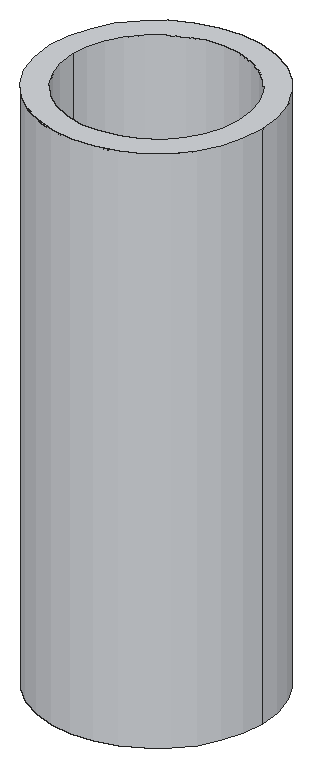
Revit family "Reduziermuffe", category HLS-Bauteile, Revit 2017
Family settings
  Bemaßung runder Anschluss = Durchmesser verwenden
  Teiletyp = Normal
  Arbeitsebenenbasiert = Nein
  Immer vertikal = Nein
  Beim Laden mit Abzugskörper schneiden = Nein
  Gemeinsam genutzt = Ja
  Raumberechnungspunkt = Nein
Parameters (values of type "Reduziermuffe M10-M12")
  vpe = "100 St"
  passend für = ""
  für Stufenmutter = ""
  d1 = 10.5 mm
  Schlüsselweite = ""
  Regelhalter [instance] = ""
  Oberflaeche = "galvanisch verzinkt"
  Mengeneinheit = "St"
  Material = "Stahl"
  Länge Innengewinde 2 = "20 mm"
  Länge Innengewinde 1 = "16 mm"
  Länge Außengewinde = " mm"
  Länge = 40 mm
  L2 = 17 mm
  L1 = 23 mm
  Kurztext2 = "Innengew. M10 auf Innengew. M12 L= 40 mm"
  Kurztext1 = "Reduziermuffe rund"
  Innengewinde 2 = "M12"
  Innengewinde 1 = "M10"
  Gewicht pro Bauteil = Gewicht  # 0.0408 kg
  Gewicht = 0.0408 kg
  Firma = "MEFA Befestigungs- und Montagesysteme GmbH"
  Fabrikat = "MEFA"
  EAN = "4250928416339"
  D0 = 12.6 mm
  D = 16 mm
  Außengewinde = ""
  Artikelnummer = "0710032"
Types (6, lengths in mm): name | vpe | d1 | Oberflaeche | Mengeneinheit | Material | Länge Innengewinde 2 | Länge Innengewinde 1 | Länge Außengewinde | Kurztext2 | Kurztext1 | Innengewinde 2 | Innengewinde 1 | Gewicht pro Bauteil | Gewicht | Fabrikat | EAN | D0 | D | Artikelnummer
  (no name) | "100 St" | 10.5 | "galvanisch verzinkt" | "St" | "Stahl" | "20 mm" | "16 mm" | " mm" | "Innengew. M10 auf Innengew. M12 L= 40 mm" | "Reduziermuffe rund" | "M12" | "M10" | 0.0408 kg | 0.0408 kg | "MEFA" | "4250928416339" | 12.6 | 16 | "0710032"
  Reduziermuffe M 8-M10 | "100 St" | 6.5 | "galvanisch verzinkt" | "St" | "Stahl" | "20 mm" | "16 mm" | " mm" | "Innengew. M8 auf Innengew. M10 L= 40 mm" | "Reduziermuffe rund" | "M10" | "M8" | 0.0482 kg | 0.0482 kg | "MEFA" | "4250928416315" | 10.5 | 16 | "0710016"
  Reduziermuffe M 8-M12 | "100 St" | 6.5 | "galvanisch verzinkt" | "St" | "Stahl" | "20 mm" | "16 mm" | " mm" | "Innengew. M8 auf Innengew. M12 L= 40 mm" | "Reduziermuffe rund" | "M12" | "M8" | 0.0432 kg | 0.0432 kg | "MEFA" | "4250928416322" | 12.6 | 16 | "0710024"
  Reduziermuffe M10-M12 | "100 St" | 10.5 | "galvanisch verzinkt" | "St" | "Stahl" | "20 mm" | "16 mm" | " mm" | "Innengew. M10 auf Innengew. M12 L= 40 mm" | "Reduziermuffe rund" | "M12" | "M10" | 0.0408 kg | 0.0408 kg | "MEFA" | "4250928416339" | 12.6 | 16 | "0710032"
  Reduziermuffe M10-M14 | "" | 10.5 | "" | "" | "" | "" | "" | "" | "" | "" | "" | "" | 0.00 kg | 0.00 kg | "" | "" | 14.7 | 22 | ""
  Reduziermuffe M12-M16 | "25 St" | 12.6 | "galvanisch verzinkt" | "St" | "Stahl" | "20 mm" | "16 mm" | " mm" | "Innengew. M12 auf Innengew. M16 L= 40 mm" | "Reduziermuffe rund" | "M16" | "M12" | 0.0807 kg | 0.0807 kg | "MEFA" | "4250928416346" | 16.8 | 22 | "0710105"
Reference planes
  plane 1 "Mitte (Vorne/hinten)": y = 0
  plane 2: z = 0
  plane 3 "Mitte (Links/rechts)": x = 0
  plane 4: z = 40
  plane 5: z = 17
Forms (mm)
  Extrusion 1, solid
    sketch origin (0, 0, 0) x (1, 0, 0) y (0, 1, 0)
      loop
        circle (0, 0) r 8
    from 0 to 40
  Extrusion 2, void
    sketch origin (0, 0, 0) x (1, 0, 0) y (0, 1, 0)
      loop
        circle (0, 0) r 6.3
    from 17 to 40
  Extrusion 3, void
    sketch origin (0, 0, 0) x (1, 0, 0) y (0, 1, 0)
      loop
        circle (0, 0) r 5.25
    from 0 to 17
Cuts and joins
  Extrusion 2, Extrusion 3 cuts Extrusion 1
Lines and regions (mm)
  model lines, not visible
    curve 1: line (12.5, 0, 40) -> (-12.5, 0, 40)
    curve 2: line (0, 12.5, 40) -> (0, -12.5, 40)
    curve 3: line (0, 12.5, 0) -> (0, -12.5, 0)
    curve 4: line (12.5, 0, 0) -> (-12.5, 0, 0)
    curve 5: line (0, 0, 55) -> (0, 0, -10)
Dimensions and locks
  "Länge": level to plane 4
  "L1": plane 5 to plane 4
  "D": diameter of Extrusion 1 sketch curve
  "D0": diameter of Extrusion 2 sketch curve
  "d1": diameter of Extrusion 3 sketch curve
  aligned and locked: level to plane 2
  aligned and locked: Extrusion 1 to level
  aligned and locked: plane 4 to Extrusion 1
  aligned and locked: curve 2 to plane 4
  aligned and locked: curve 3 to level
  aligned and locked: Extrusion 1 to Extrusion 2
  aligned and locked: plane 4 to cut or joined group of Extrusion 1, Extrusion 2, Extrusion 3  (x2)
  aligned and locked: Extrusion 2 to plane 5
  aligned and locked: cut or joined group of Extrusion 1, Extrusion 2, Extrusion 3 to level
  aligned and locked: cut or joined group of Extrusion 1, Extrusion 2, Extrusion 3 to plane 5
  aligned and locked: Extrusion 3 to Extrusion 2
Automatic sketch dimensions
  plane 1 "Mitte (Vorne/hinten)" to curve 2 = 12.5 mm
  plane 1 "Mitte (Vorne/hinten)" to curve 3 = 12.5 mm
  curve 3 to plane 1 "Mitte (Vorne/hinten)" = 12.5 mm
  curve 2 to plane 1 "Mitte (Vorne/hinten)" = 12.5 mm
  curve 1 to plane 3 "Mitte (Links/rechts)" = 12.5 mm
  curve 4 to plane 3 "Mitte (Links/rechts)" = 12.5 mm
  plane 3 "Mitte (Links/rechts)" to curve 4 = 12.5 mm
  plane 3 "Mitte (Links/rechts)" to curve 1 = 12.5 mm
  curve 5 to level = 10 mm
  plane 4 to curve 5 = 15 mm
  curve 4 to level = 0 mm
  curve 5 to plane 3 "Mitte (Links/rechts)" = 0 mm
  curve 1 to plane 4 = 0 mm
  plane 1 "Mitte (Vorne/hinten)" to Extrusion 1 sketch curve = 0 mm
  Extrusion 1 sketch curve to plane 3 "Mitte (Links/rechts)" = 0 mm
  plane 1 "Mitte (Vorne/hinten)" to Extrusion 2 sketch curve = 0 mm
  Extrusion 2 sketch curve to plane 3 "Mitte (Links/rechts)" = 0 mm
  plane 1 "Mitte (Vorne/hinten)" to Extrusion 3 sketch curve = 0 mm
  Extrusion 3 sketch curve to plane 3 "Mitte (Links/rechts)" = 0 mm
